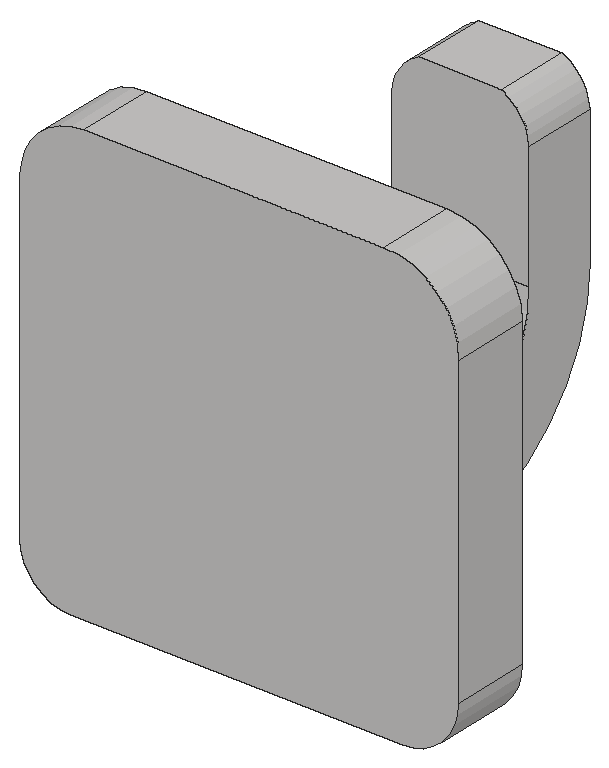
Revit family "SA-2406", category Plumbing Fixtures, host Wall, Revit 2023
Family settings
  Host = Wall
  Round Connector Dimension = Use Diameter
  Part Type = Normal
  OmniClass Number = 23.45.00.00
  OmniClass Title = Sanitary, Laundry, and Cleaning Equipment
  Enable Cutting in Views = No
  Always vertical = Yes
  Cut with Voids When Loaded = No
  Maintain Annotation Orientation = No
  Shared = No
  Room Calculation Point = No
Parameters
  Default Elevation = 0' - 0"
Reference planes (in)
  plane 1: y = 0
  plane 2 "Center (Left/Right)": x = -0.47711
  plane 3 "Back": y = 3
  plane 4: z = 36
  plane 5: x = 0.61664
  plane 6: x = -1.57086
  plane 7: z = 37.09375
  plane 8: z = 34.90625
  plane 9: y = 4.75
  plane 10: x = -0.13336
  plane 11: x = -0.82086
Forms (in)
  Extrusion 1, solid, material "Metal"
    sketch origin (-60, 3, 0) x (-1, 0, 0) y (0, 0, 1)
      loop
        arc (-60.24289, 37.09375) -> (-60.50717, 36.98428) -> (-60.61664, 36.72) r 0.37375
        line (-60.61664, 36.72) -> (-60.61664, 35.18845)
        arc (-60.61664, 35.18845) -> (-60.53399, 34.9889) -> (-60.33445, 34.90625) r 0.2822
        line (-60.33445, 34.90625) -> (-58.67914, 34.90625)
        arc (-58.67914, 34.90625) -> (-58.50236, 34.97947) -> (-58.42914, 35.15625) r 0.25
        line (-58.42914, 35.15625) -> (-58.42914, 36.77601)
        arc (-58.42914, 36.77601) -> (-58.5222, 37.00069) -> (-58.74688, 37.09375) r 0.31774
        line (-58.74688, 37.09375) -> (-60.24289, 37.09375)
    from 0 to 0.39106
  Extrusion 2, solid, material "Metal"
    sketch origin (-0.47711, 0, 0) x (0, 1, 0) y (0, 0, 1)
      loop
        line (3.39106, 35.25) -> (3.875, 35.25)
        arc (3.875, 35.25) -> (4.49372, 35.50628) -> (4.75, 36.125) r 0.875
        line (4.75, 36.125) -> (4.75, 37.0149) -> (4.375, 37.0149) -> (4.375, 36.18322)
        arc (4.375, 36.18322) -> (4.2115, 35.7885) -> (3.81678, 35.625) r 0.55822
        line (3.81678, 35.625) -> (3.39106, 35.625) -> (3.39106, 35.25)
    from -0.34375 to 0.34375
  Extrusion 3, void
    sketch origin (-0.47711, 4.75, 35.75) x (0, 0, -1) y (1, 0, 0)
      loop
        line (-1.03596, 0.34375) -> (-1.03596, 0.38548) -> (-1.30839, 0.38548) -> (-1.30839, 0.20619) -> (-1.2649, 0.20619)
        arc (-1.2649, 0.20619) -> (-1.17114, 0.30943) -> (-1.03596, 0.34375) r 0.2419
      loop
        arc (-1.03596, -0.34375) -> (-1.17114, -0.30943) -> (-1.2649, -0.20619) r 0.2419
        line (-1.2649, -0.20619) -> (-1.30839, -0.20619) -> (-1.30839, -0.38548) -> (-1.03596, -0.38548) -> (-1.03596, -0.34375)
    from 0 to 0.375
Cuts and joins
  Extrusion 3 cuts Extrusion 1
  Extrusion 3 cuts Extrusion 2
Text (in)
  text "Placement Side" at (0, 40.15149, 123.01588), in view "Right"
  text "Placement Side" at (-70.3804, 45.82615, 0), in view "Ref. Level"
  text "Placement Side" at (0, 47.49176, 113.10569), in view "Left"
Dimensions and locks (in)
  locked: plane 3 "Back" to host wall
  cut or joined group of Extrusion 1, Extrusion 3 to cut or joined group of Extrusion 2, Extrusion 3 = 0' - 1 3/4"
  cut or joined group of Extrusion 2, Extrusion 3 to cut or joined group of Extrusion 2, Extrusion 3 = 0' - 0 3/8"
  cut or joined group of Extrusion 1, Extrusion 3 to cut or joined group of Extrusion 1, Extrusion 3 = 0' - 2 3/16"
